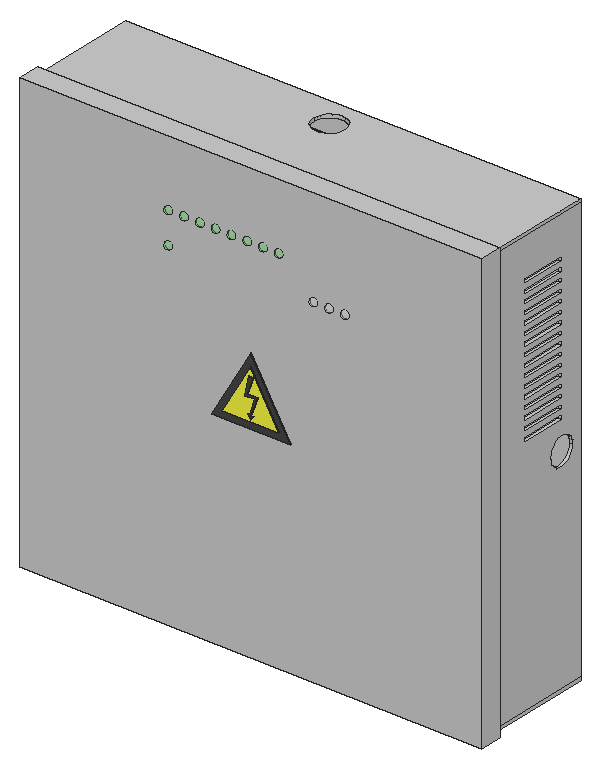
Revit family "STS-409К_RV17_LOD_400", category Электрооборудование, Revit 2017
Family settings
  Конфигурация панели = Два столбца, слева направо
  Размер круглого соединителя = Использовать диаметр
  Тип детали = Щит
  На основе рабочей плоскости = Нет
  Всегда вертикально = Да
  При загрузке вырезать с полостями = Нет
  Общий = Нет
  Точка расчета площади = Нет
Parameters (values of type "STS-409K")
  Частота переменного однофазного тока, Гц = 50 Hz
  Стандарт интерфейса связи = "10 Base-T Ethernet (гнездо RJ-45)"
  Смещение_УГО_Y [instance] = 0 mm
  Смещение_УГО_X [instance] = 0 mm
  Раздел проекта [instance] = ""
  Раздел Спецификации [instance] = ""
  Предельное значение сопротивления проводов ШС, кОм = 0.1
  Напряжение электропитания в автономном режиме, В = 12
  Напряжение = "220"
  Максимальный ток, проходящий через реле, не более, А (для 24В и 12В) = 4 A
  Максимальный ток, проходящий через реле, не более, А (для 220В) = 2 A
  Максимальный потребляемый контроллером ток от сети переменного тока (без дополнительных внешних потребителей), А = 0.1 A
  Максимальное удаление считывающих устройств от контролера, не более, м = 100 mm
  Максимальное количество пропусков ОПС, шт. = 15
  Максимальное количество извещателей ОПС на 1 шлейф сигнализации, не более, шт. = 20
  Максимальное время работы в автономном режиме, ч = 24
  Количество реле, шт. = 4
  Количество подключаемых считывающих устройств, не более, шт. = 2
  Информационная ёмкость (количество ШС) = 8
  Интерфейс считывателей (2) = "Wiegand 40/42"
  Интерфейс считывателей (1) = "Wiegand 26"
  Длина кода ключа (пропуска), символов = "1-8"
  Диапазон рабочих температур, °С = "от +5 до +50"
  Видимость_дверь [instance] = yes
  В_Смещение_УГО_Y [instance] = Смещение_УГО_Y + 2000 mm  # 2000 mm
  В_Смещение_УГО_X [instance] = Смещение_УГО_X + 2000 mm  # 2000 mm
  АКБ [instance] = yes
  d короба [instance] = 20 mm
  ADSK_Размер_Ширина = 293 mm
  ADSK_Размер_Глубина = 84 mm
  ADSK_Размер_Высота = 278 mm
  ADSK_Примечание = ""
  ADSK_Наименование = "STS-409К"
  ADSK_Масса = 1.8
  ADSK_Марка = "СТАЕ.426469.033-01"
  ADSK_Количество = 1
  ADSK_Завод-изготовитель = "ООО «Основа Безопасности»"  # constant formula
  ADSK_Единица измерения = "шт."  # constant formula
  ADSK_URL страницы изделия = "https://stilsoft.ru/products/sts-409k"
  ADSK_URL документации изделия = ""
Reference planes
  plane 1 "По центру (Вперед/Назад)": y = 0
  plane 2: z = 0
  plane 3 "По центру (Влево/Вправо)": x = 0
  plane 4: x = 146.5
  plane 5: x = -146.5
  plane 6 "0": y = -84
  plane 7: z = 278
  plane 8: x = -144.5
  plane 9 "левая грань": x = -144
  plane 10: x = -142
  plane 11: x = 144.5
  plane 12 "правая грань": x = 144
  plane 13: x = 142
  plane 14: y = -3
  plane 15 "стенка": y = -5
  plane 16 "дверь": y = -82
  plane 17: y = -81
  plane 18: y = -80
  plane 19 "вверх": z = 276
  plane 20: z = 274
  plane 21: z = 2
  plane 22: z = 4
  plane 23: y = 0
  plane 24: x = 0
  plane 25: y = 2000
  plane 26: x = -2000
Forms (mm)
  Extrusion 1, solid, material "корпус", detail levels medium+fine
    sketch origin (0, 0, 0) x (1, 0, 0) y (0, 1, 0)
      loop
        line (-142, -82) -> (-142, -5) -> (142, -5) -> (142, -81) -> (144, -81) -> (144, -3) -> (-144, -3) -> (-144, -82) -> (-142, -82)
    from 4 to 274
  Extrusion 2, solid, material "корпус", detail levels medium+fine
    sketch origin (0, 0, 0) x (1, 0, 0) y (0, 1, 0)
      loop
        line (-144, -3) -> (-144, -81) -> (144, -81) -> (144, -3) -> (-144, -3)
    from 2 to 4
  Extrusion 3, solid, material "корпус", detail levels medium+fine
    sketch origin (0, 0, 0) x (1, 0, 0) y (0, 1, 0)
      loop
        line (-144, -3) -> (-144, -81) -> (144, -81) -> (144, -3) -> (-144, -3)
    from 274 to 276
  Extrusion 4, solid, material "корпус", visible <- "Видимость_дверь", detail levels medium+fine
    sketch origin (0, -82, 0) x (-1, 0, 0) y (0, 0, 1)
      loop
        line (146.5, 278) -> (-146.5, 278) -> (-146.5, 0) -> (146.5, 0) -> (146.5, 278)
    from 0 to -2
  Extrusion 5, solid, material "корпус", visible <- "Видимость_дверь", detail levels medium+fine
    sketch origin (0, -82, 0) x (-1, 0, 0) y (0, 0, 1)
      loop
        line (146.5, 278) -> (-146.5, 278) -> (-146.5, 0) -> (146.5, 0) -> (146.5, 278)
      loop
        line (144.5, 276) -> (-144.5, 276) -> (-144.5, 2) -> (144.5, 2) -> (144.5, 276)
    from 0 to 12
  Extrusion 6, void, detail levels fine
    sketch origin (0, 0, 276) x (-1, 0, 0) y (0, -1, 0)
      loop
        circle (0, 22) r 10
    from 0 to -2
  Extrusion 7, void, detail levels fine
    sketch origin (-144, 0, 0) x (0, 1, 0) y (0, 0, 1)
      loop
        line (-18, 250) -> (-48, 250) -> (-48, 247) -> (-18, 247) -> (-18, 250)
      loop
        line (-18, 244) -> (-48, 244) -> (-48, 241) -> (-18, 241) -> (-18, 244)
      loop
        line (-18, 238) -> (-48, 238) -> (-48, 235) -> (-18, 235) -> (-18, 238)
      loop
        line (-18, 232) -> (-48, 232) -> (-48, 229) -> (-18, 229) -> (-18, 232)
      loop
        line (-18, 226) -> (-48, 226) -> (-48, 223) -> (-18, 223) -> (-18, 226)
      loop
        line (-18, 220) -> (-48, 220) -> (-48, 217) -> (-18, 217) -> (-18, 220)
      loop
        line (-18, 214) -> (-48, 214) -> (-48, 211) -> (-18, 211) -> (-18, 214)
      loop
        line (-18, 208) -> (-48, 208) -> (-48, 205) -> (-18, 205) -> (-18, 208)
      loop
        line (-18, 202) -> (-48, 202) -> (-48, 199) -> (-18, 199) -> (-18, 202)
      loop
        line (-18, 196) -> (-48, 196) -> (-48, 193) -> (-18, 193) -> (-18, 196)
      loop
        line (-18, 190) -> (-48, 190) -> (-48, 187) -> (-18, 187) -> (-18, 190)
      loop
        line (-18, 184) -> (-48, 184) -> (-48, 181) -> (-18, 181) -> (-18, 184)
      loop
        line (-18, 178) -> (-48, 178) -> (-48, 175) -> (-18, 175) -> (-18, 178)
      loop
        line (-18, 172) -> (-48, 172) -> (-48, 169) -> (-18, 169) -> (-18, 172)
      loop
        line (-18, 166) -> (-48, 166) -> (-48, 163) -> (-18, 163) -> (-18, 166)
      loop
        line (-18, 160) -> (-48, 160) -> (-48, 157) -> (-18, 157) -> (-18, 160)
    from 0 to 2
  Extrusion 8, void, detail levels fine
    sketch origin (-144, 0, 0) x (0, 1, 0) y (0, 0, 1)
      loop
        circle (-18, 139) r 9
    from 0 to 2
  Extrusion 9, void, detail levels fine
    sketch origin (144, 0, 0) x (0, -1, 0) y (0, 0, 1)
      loop
        line (18, 250) -> (18, 247) -> (48, 247) -> (48, 250) -> (18, 250)
      loop
        line (18, 244) -> (18, 241) -> (48, 241) -> (48, 244) -> (18, 244)
      loop
        line (18, 238) -> (18, 235) -> (48, 235) -> (48, 238) -> (18, 238)
      loop
        line (18, 232) -> (18, 229) -> (48, 229) -> (48, 232) -> (18, 232)
      loop
        line (18, 226) -> (18, 223) -> (48, 223) -> (48, 226) -> (18, 226)
      loop
        line (18, 220) -> (18, 217) -> (48, 217) -> (48, 220) -> (18, 220)
      loop
        line (18, 214) -> (18, 211) -> (48, 211) -> (48, 214) -> (18, 214)
      loop
        line (18, 208) -> (18, 205) -> (48, 205) -> (48, 208) -> (18, 208)
      loop
        line (18, 202) -> (18, 199) -> (48, 199) -> (48, 202) -> (18, 202)
      loop
        line (18, 196) -> (18, 193) -> (48, 193) -> (48, 196) -> (18, 196)
      loop
        line (18, 190) -> (18, 187) -> (48, 187) -> (48, 190) -> (18, 190)
      loop
        line (18, 184) -> (18, 181) -> (48, 181) -> (48, 184) -> (18, 184)
      loop
        line (18, 178) -> (18, 175) -> (48, 175) -> (48, 178) -> (18, 178)
      loop
        line (18, 172) -> (18, 169) -> (48, 169) -> (48, 172) -> (18, 172)
      loop
        line (18, 166) -> (18, 163) -> (48, 163) -> (48, 166) -> (18, 166)
      loop
        line (18, 160) -> (18, 157) -> (48, 157) -> (48, 160) -> (18, 160)
    from 0 to 2
  Extrusion 10, void, detail levels fine
    sketch origin (144, 0, 0) x (0, -1, 0) y (0, 0, 1)
      loop
        circle (18, 139) r 9
    from 0 to 2
  Extrusion 11, void, detail levels fine
    sketch origin (0, 0, 0) x (1, 0, 0) y (0, 1, 0)
      loop
        circle (-130, -19) r 10
    from 2 to 4
  Extrusion 12, solid, detail levels fine
    sketch origin (0, -5, 0) x (-1, 0, 0) y (0, 0, 1)
      loop
        line (89.5, 258) -> (-80.5, 258) -> (-80.5, 170) -> (89.5, 170) -> (89.5, 258)
    from 0 to -1
  Extrusion 13, solid, detail levels fine
    sketch origin (0, -5, 0) x (-1, 0, 0) y (0, 0, 1)
      loop
        line (128.5, 16) -> (128.5, 151) -> (68.5, 151) -> (68.5, 16) -> (128.5, 16)
    from 0 to -1
  Extrusion 14, solid, material "ЗНАЧЕК (1)", visible <- "Видимость_дверь", detail levels fine
    sketch origin (0, -84, 0) x (1, 0, 0) y (0, 0, 1)
      loop
        line (25, 130) -> (0, 173) -> (-25, 130) -> (25, 130)
    from 0 to 0.2
  Extrusion 15, solid, material "ЗНАЧЕК (2)", visible <- "Видимость_дверь", detail levels fine
    sketch origin (0, -84, 0) x (1, 0, 0) y (0, 0, 1)
      loop
        line (18, 134) -> (0, 165) -> (-18, 134) -> (18, 134)
    from 0 to 0.3
  Extrusion 16, solid, material "ЗНАЧЕК (1)"
    sketch origin (0, -84, 0) x (1, 0, 0) y (0, 0, 1)
      loop
        line (0, 159.8) -> (-1.4, 159.8) -> (-4.015, 147.497) -> (2.6, 148.075) -> (-0.309, 137.932) -> (-1.555, 137.932) -> (0, 135.238) -> (1.886, 137.932) -> (0.321, 137.932) -> (4.567, 149.598) -> (-2.041, 149.251) -> (1.799, 159.8) -> (0, 159.8)
    from 0 to 0.4
  Revolve 17, solid, material "индикаторы 1"
    sketch origin (0, -84, 0) x (1, 0, 0) y (0, 0, 1)
      loop
        arc (-54.5, 236) -> (-52, 233.5) -> (-49.5, 236) r 2.5
        line (-49.5, 236) -> (-54.5, 236)
      axis (-54.5, 236) -> (-49.5, 236)
    angle from 0 to -180
  Revolve 18, solid, material "индикаторы 1"
    sketch origin (10, -84, 0) x (1, 0, 0) y (0, 0, 1)
      loop
        arc (-54.5, 236) -> (-52, 233.5) -> (-49.5, 236) r 2.5
        line (-49.5, 236) -> (-54.5, 236)
      axis (-54.5, 236) -> (-49.5, 236)
    angle from 0 to -180
  Revolve 19, solid, material "индикаторы 1"
    sketch origin (0, -84, -20) x (1, 0, 0) y (0, 0, 1)
      loop
        arc (-54.5, 236) -> (-52, 233.5) -> (-49.5, 236) r 2.5
        line (-49.5, 236) -> (-54.5, 236)
      axis (-54.5, 236) -> (-49.5, 236)
    angle from 0 to -180
  Revolve 20, solid, material "индикаторы 1"
    sketch origin (20, -84, 0) x (1, 0, 0) y (0, 0, 1)
      loop
        arc (-54.5, 236) -> (-52, 233.5) -> (-49.5, 236) r 2.5
        line (-49.5, 236) -> (-54.5, 236)
      axis (-54.5, 236) -> (-49.5, 236)
    angle from 0 to -180
  Revolve 21, solid, material "индикаторы 1"
    sketch origin (30, -84, 0) x (1, 0, 0) y (0, 0, 1)
      loop
        arc (-54.5, 236) -> (-52, 233.5) -> (-49.5, 236) r 2.5
        line (-49.5, 236) -> (-54.5, 236)
      axis (-54.5, 236) -> (-49.5, 236)
    angle from 0 to -180
  Revolve 22, solid, material "индикаторы 1"
    sketch origin (40, -84, 0) x (1, 0, 0) y (0, 0, 1)
      loop
        arc (-54.5, 236) -> (-52, 233.5) -> (-49.5, 236) r 2.5
        line (-49.5, 236) -> (-54.5, 236)
      axis (-54.5, 236) -> (-49.5, 236)
    angle from 0 to -180
  Revolve 23, solid, material "индикаторы 1"
    sketch origin (50, -84, 0) x (1, 0, 0) y (0, 0, 1)
      loop
        arc (-54.5, 236) -> (-52, 233.5) -> (-49.5, 236) r 2.5
        line (-49.5, 236) -> (-54.5, 236)
      axis (-54.5, 236) -> (-49.5, 236)
    angle from 0 to -180
  Revolve 24, solid, material "индикаторы 1"
    sketch origin (60, -84, 0) x (1, 0, 0) y (0, 0, 1)
      loop
        arc (-54.5, 236) -> (-52, 233.5) -> (-49.5, 236) r 2.5
        line (-49.5, 236) -> (-54.5, 236)
      axis (-54.5, 236) -> (-49.5, 236)
    angle from 0 to -180
  Revolve 25, solid, material "индикаторы 1"
    sketch origin (70, -84, 0) x (1, 0, 0) y (0, 0, 1)
      loop
        arc (-54.5, 236) -> (-52, 233.5) -> (-49.5, 236) r 2.5
        line (-49.5, 236) -> (-54.5, 236)
      axis (-54.5, 236) -> (-49.5, 236)
    angle from 0 to -180
  Revolve 26, solid, material "индикаторы 2"
    sketch origin (92, -84, -20) x (1, 0, 0) y (0, 0, 1)
      loop
        arc (-54.5, 236) -> (-52, 233.5) -> (-49.5, 236) r 2.5
        line (-49.5, 236) -> (-54.5, 236)
      axis (-54.5, 236) -> (-49.5, 236)
    angle from 0 to -180
  Revolve 27, solid, material "индикаторы 2"
    sketch origin (102, -84, -20) x (1, 0, 0) y (0, 0, 1)
      loop
        arc (-54.5, 236) -> (-52, 233.5) -> (-49.5, 236) r 2.5
        line (-49.5, 236) -> (-54.5, 236)
      axis (-54.5, 236) -> (-49.5, 236)
    angle from 0 to -180
  Revolve 28, solid, material "индикаторы 2"
    sketch origin (112, -84, -20) x (1, 0, 0) y (0, 0, 1)
      loop
        arc (-54.5, 236) -> (-52, 233.5) -> (-49.5, 236) r 2.5
        line (-49.5, 236) -> (-54.5, 236)
      axis (-54.5, 236) -> (-49.5, 236)
    angle from 0 to -180
Cuts and joins
  joined: Extrusion 4, Extrusion 5
  Extrusion 6 cuts Extrusion 3
  Extrusion 7, Extrusion 8, Extrusion 9, Extrusion 10 cuts Extrusion 1
  Extrusion 11 cuts Extrusion 2
Dimensions and locks
  "ADSK_Размер_Ширина": plane 5 to plane 4
  "ADSK_Размер_Глубина": plane 6 "0" to plane 1 "По центру (Вперед/Назад)"
  "ADSK_Размер_Высота": plane 7 to level
  locked: plane 25 to plane 1 "По центру (Вперед/Назад)" at 2000
  locked: plane 26 to plane 3 "По центру (Влево/Вправо)" at 2000
  "В_Смещение_УГО_X": plane 26 to plane 24
  "В_Смещение_УГО_Y": plane 23 to plane 25
  aligned and locked: level to plane 2
  aligned and locked: nested 1 to plane 23
  aligned and locked: plane 24 to nested 1
  aligned and locked: nested 2 to cut or joined group of Extrusion 2, Extrusion 11
  aligned and locked: nested 2 to cut or joined group of Extrusion 1, Extrusion 7, Extrusion 8, Extrusion 9, Extrusion 10
  aligned and locked: cut or joined group of Extrusion 1, Extrusion 7, Extrusion 8, Extrusion 9, Extrusion 10 to cut or joined group of Extrusion 4, Extrusion 5
Automatic sketch dimensions
  Extrusion 1 sketch curve to plane 9 "левая грань" = 0 mm
  Extrusion 1 sketch curve to plane 10 = 0 mm
  Extrusion 1 sketch curve to plane 13 = 0 mm
  Extrusion 1 sketch curve to plane 12 "правая грань" = 0 mm
  Extrusion 1 sketch curve to plane 16 "дверь" = 0 mm
  Extrusion 1 sketch curve to plane 17 = 0 mm
  Extrusion 1 sketch curve to plane 15 "стенка" = 0 mm
  Extrusion 1 sketch curve to plane 14 = 0 mm
  Extrusion 2 sketch curve to plane 9 "левая грань" = 0 mm
  Extrusion 2 sketch curve to plane 12 "правая грань" = 0 mm
  Extrusion 2 sketch curve to plane 17 = 0 mm
  Extrusion 2 sketch curve to plane 14 = 0 mm
  Extrusion 3 sketch curve to plane 9 "левая грань" = 0 mm
  Extrusion 3 sketch curve to plane 12 "правая грань" = 0 mm
  Extrusion 3 sketch curve to plane 17 = 0 mm
  Extrusion 3 sketch curve to plane 14 = 0 mm
  Extrusion 4 sketch curve to plane 4 = 0 mm
  Extrusion 4 sketch curve to level = 0 mm
  plane 5 to Extrusion 4 sketch curve = 0 mm
  Extrusion 4 sketch curve to plane 7 = 0 mm
  Extrusion 5 sketch curve to plane 4 = 0 mm
  plane 11 to Extrusion 5 sketch curve = 0 mm
  Extrusion 5 sketch curve to plane 8 = 0 mm
  plane 5 to Extrusion 5 sketch curve = 0 mm
  Extrusion 5 sketch curve to level = 0 mm
  Extrusion 5 sketch curve to plane 21 = 0 mm
  Extrusion 5 sketch curve to plane 19 "вверх" = 0 mm
  Extrusion 5 sketch curve to plane 7 = 0 mm
  Extrusion 6 sketch curve to plane 3 "По центру (Влево/Вправо)" = 0 mm
  Extrusion 6 sketch curve to plane 15 "стенка" = 17 mm
  plane 18 to Extrusion 7 sketch curve = 32 mm  (x2)
  Extrusion 7 sketch curve to Extrusion 7 sketch curve = 0 mm  (x29)
  Extrusion 7 sketch curve to plane 15 "стенка" = 13 mm
  Extrusion 7 sketch curve to Extrusion 7 sketch curve = 3 mm  (x31)
  Extrusion 8 sketch curve to plane 15 "стенка" = 13 mm
  Extrusion 9 sketch curve to plane 15 "стенка" = 13 mm  (x2)
  Extrusion 9 sketch curve to Extrusion 9 sketch curve = 0 mm  (x29)
  Extrusion 9 sketch curve to Extrusion 9 sketch curve = 30 mm
  Extrusion 9 sketch curve to Extrusion 9 sketch curve = 3 mm  (x31)
  Extrusion 10 sketch curve to plane 15 "стенка" = 13 mm
  plane 10 to Extrusion 11 sketch curve = 12 mm
  Extrusion 11 sketch curve to plane 15 "стенка" = 14 mm
  Extrusion 12 sketch curve to plane 20 = 16 mm
  plane 13 to Extrusion 12 sketch curve = 61.5 mm
  plane 10 to Extrusion 13 sketch curve = 13.5 mm
  plane 22 to Extrusion 13 sketch curve = 12 mm
  Extrusion 14 sketch curve to plane 3 "По центру (Влево/Вправо)" = 0 mm
  Extrusion 14 sketch curve to plane 3 "По центру (Влево/Вправо)" = 25 mm
  plane 3 "По центру (Влево/Вправо)" to Extrusion 14 sketch curve = 25 mm
  Extrusion 15 sketch curve to plane 3 "По центру (Влево/Вправо)" = 0 mm
  Extrusion 15 sketch curve to plane 3 "По центру (Влево/Вправо)" = 18 mm
  plane 3 "По центру (Влево/Вправо)" to Extrusion 15 sketch curve = 18 mm
  Extrusion 15 sketch curve to Extrusion 15 sketch curve = 31 mm
  Extrusion 16 sketch curve to plane 3 "По центру (Влево/Вправо)" = 0 mm  (x2)
  Extrusion 16 sketch curve to plane 3 "По центру (Влево/Вправо)" = 0.309 mm
  Extrusion 16 sketch curve to plane 3 "По центру (Влево/Вправо)" = 1.4 mm
  Extrusion 16 sketch curve to Extrusion 16 sketch curve = 1.246 mm
  Extrusion 16 sketch curve to plane 3 "По центру (Влево/Вправо)" = 2.041 mm
  Extrusion 16 sketch curve to Extrusion 16 sketch curve = 1.975 mm
  plane 3 "По центру (Влево/Вправо)" to Extrusion 16 sketch curve = 0.321 mm
  plane 3 "По центру (Влево/Вправо)" to Extrusion 16 sketch curve = 1.799 mm
  Extrusion 16 sketch curve to Extrusion 16 sketch curve = 1.565 mm
  plane 3 "По центру (Влево/Вправо)" to Extrusion 16 sketch curve = 2.6 mm
  Extrusion 16 sketch curve to Extrusion 16 sketch curve = 1.968 mm
  Extrusion 16 sketch curve to Extrusion 16 sketch curve = 2.694 mm
  Extrusion 16 sketch curve to Extrusion 16 sketch curve = 0 mm
  Extrusion 16 sketch curve to Extrusion 16 sketch curve = 9.564 mm
  Extrusion 16 sketch curve to Extrusion 16 sketch curve = 0.579 mm
  Extrusion 16 sketch curve to Extrusion 16 sketch curve = 1.755 mm
  Extrusion 16 sketch curve to Extrusion 16 sketch curve = 1.522 mm
  Extrusion 16 sketch curve to Extrusion 16 sketch curve = 10.549 mm
  Revolve 17 sketch curve to Revolve 17 sketch curve = 0 mm  (x3)
  Revolve 18 sketch curve to Revolve 18 sketch curve = 2.5 mm
  Revolve 18 sketch curve to Revolve 18 sketch curve = 0 mm  (x3)
  Revolve 19 sketch curve to Revolve 19 sketch curve = 2.5 mm
  Revolve 19 sketch curve to Revolve 19 sketch curve = 0 mm  (x3)
  Revolve 20 sketch curve to Revolve 20 sketch curve = 2.5 mm
  Revolve 20 sketch curve to Revolve 20 sketch curve = 0 mm  (x3)
  Revolve 21 sketch curve to plane 3 "По центру (Влево/Вправо)" = 24.5 mm
  Revolve 21 sketch curve to Revolve 21 sketch curve = 2.5 mm
  Revolve 21 sketch curve to Revolve 21 sketch curve = 0 mm  (x3)
  Revolve 22 sketch curve to plane 3 "По центру (Влево/Вправо)" = 14.5 mm
  Revolve 22 sketch curve to Revolve 22 sketch curve = 2.5 mm
  Revolve 22 sketch curve to Revolve 22 sketch curve = 0 mm  (x3)
  Revolve 23 sketch curve to plane 3 "По центру (Влево/Вправо)" = 4.5 mm
  Revolve 23 sketch curve to plane 3 "По центру (Влево/Вправо)" = 2 mm
  Revolve 23 sketch curve to Revolve 23 sketch curve = 0 mm  (x3)
  plane 3 "По центру (Влево/Вправо)" to Revolve 24 sketch curve = 5.5 mm
  Revolve 24 sketch curve to Revolve 24 sketch curve = 2.5 mm
  Revolve 24 sketch curve to Revolve 24 sketch curve = 0 mm  (x3)
  plane 3 "По центру (Влево/Вправо)" to Revolve 25 sketch curve = 15.5 mm
  Revolve 25 sketch curve to Revolve 25 sketch curve = 2.5 mm
  Revolve 25 sketch curve to Revolve 25 sketch curve = 0 mm  (x3)
  plane 3 "По центру (Влево/Вправо)" to Revolve 26 sketch curve = 37.5 mm
  Revolve 26 sketch curve to Revolve 26 sketch curve = 2.5 mm
  Revolve 26 sketch curve to Revolve 26 sketch curve = 0 mm  (x3)
  plane 3 "По центру (Влево/Вправо)" to Revolve 27 sketch curve = 47.5 mm
  Revolve 27 sketch curve to Revolve 27 sketch curve = 2.5 mm
  Revolve 27 sketch curve to Revolve 27 sketch curve = 0 mm  (x3)
  plane 3 "По центру (Влево/Вправо)" to Revolve 28 sketch curve = 57.5 mm
  Revolve 28 sketch curve to Revolve 28 sketch curve = 2.5 mm
  Revolve 28 sketch curve to Revolve 28 sketch curve = 0 mm  (x3)
  plane 10 to Extrusion 12 sketch curve = 52.5 mm
  Extrusion 13 sketch curve to Extrusion 13 sketch curve = 60 mm
  Revolve 17 sketch curve to plane 3 "По центру (Влево/Вправо)" = 54.5 mm
  Revolve 17 sketch curve to Revolve 17 sketch curve = 2.5 mm
  Revolve 18 sketch curve to plane 3 "По центру (Влево/Вправо)" = 44.5 mm
  Revolve 19 sketch curve to plane 3 "По центру (Влево/Вправо)" = 54.5 mm
  Revolve 20 sketch curve to plane 3 "По центру (Влево/Вправо)" = 34.5 mm
  Extrusion 7 sketch curve to plane 20 = 117 mm
  Extrusion 8 sketch curve to plane 20 = 135 mm
  Extrusion 9 sketch curve to plane 20 = 117 mm
  Extrusion 10 sketch curve to plane 20 = 135 mm
  Extrusion 12 sketch curve to Extrusion 12 sketch curve = 88 mm
  Extrusion 13 sketch curve to plane 20 = 123 mm
  plane 22 to Extrusion 14 sketch curve = 126 mm
  Extrusion 14 sketch curve to Extrusion 14 sketch curve = 43 mm
  plane 22 to Extrusion 15 sketch curve = 130 mm
  plane 22 to Extrusion 16 sketch curve = 131.238 mm
  Revolve 17 sketch curve to plane 20 = 38 mm
  Revolve 18 sketch curve to plane 20 = 38 mm
  Revolve 19 sketch curve to plane 20 = 58 mm
  Revolve 20 sketch curve to plane 20 = 38 mm
  Revolve 21 sketch curve to plane 20 = 38 mm
  Revolve 22 sketch curve to plane 20 = 38 mm
  Revolve 23 sketch curve to plane 20 = 38 mm
  Revolve 24 sketch curve to plane 20 = 38 mm
  Revolve 25 sketch curve to plane 20 = 38 mm
  Revolve 26 sketch curve to plane 20 = 58 mm
  Revolve 27 sketch curve to plane 20 = 58 mm
  Revolve 28 sketch curve to plane 20 = 58 mm
  radius of Extrusion 6 sketch curve = 10 mm
  radius of Extrusion 8 sketch curve = 9 mm
  radius of Extrusion 10 sketch curve = 9 mm
  radius of Extrusion 11 sketch curve = 10 mm
Nested families
  nested 1: "УГО_Контроллер" at (0, 0, 0), type "УГО_Контроллер"
  nested 2: "АКБ" at (66.5, -16, 4), visible <- "АКБ", type "АКБ"
Connectors
  electrical at (0, -22, 274)
    settings: on cut or joined group of Extrusion 3, Extrusion 6, index 1, voltage 0 V, apparent load 0 VA, apparent load phase1 0 VA, apparent load phase2 0 VA, apparent load phase3 0 VA, power factor 1, load classification "Прочее", number of poles 1, system type 31, power factor state 1, is connector primary yes, connector utility no, sub classification motor no, connector description ""
  cabletrayconduit at (0, -22, 276), diameter 20, driven by "d короба"
    settings: on cut or joined group of Extrusion 3, Extrusion 6, index 2, connector width 300 mm, connector height 300 mm, connector angle 0.00°, system type 32, placement type 0, profile type 0, connector reference index -1, is primary connector yes, connector utility param no, connector description ""
  electrical at (142, -18, 139)
    settings: on cut or joined group of Extrusion 1, Extrusion 7, Extrusion 8, Extrusion 9, Extrusion 10, index 3, voltage 0 V, apparent load 0 VA, apparent load phase1 0 VA, apparent load phase2 0 VA, apparent load phase3 0 VA, power factor 1, load classification "Прочее", number of poles 1, system type 14, power factor state 1, is connector primary no, connector utility no, sub classification motor no, connector description ""
  cabletrayconduit at (142, -18, 139), diameter 20, driven by "d короба"
    settings: on cut or joined group of Extrusion 1, Extrusion 7, Extrusion 8, Extrusion 9, Extrusion 10, index 4, connector width 300 mm, connector height 300 mm, connector angle 0.00°, system type 32, placement type 0, profile type 0, connector reference index -1, is primary connector no, connector utility param no, connector description ""
  electrical at (-142, -18, 139)
    settings: on cut or joined group of Extrusion 1, Extrusion 7, Extrusion 8, Extrusion 9, Extrusion 10, index 5, voltage 0 V, apparent load 0 VA, apparent load phase1 0 VA, apparent load phase2 0 VA, apparent load phase3 0 VA, power factor 1, load classification "Прочее", number of poles 1, system type 14, power factor state 1, is connector primary no, connector utility no, sub classification motor no, connector description ""
  cabletrayconduit at (-142, -18, 139), diameter 20, driven by "d короба"
    settings: on cut or joined group of Extrusion 1, Extrusion 7, Extrusion 8, Extrusion 9, Extrusion 10, index 6, connector width 300 mm, connector height 300 mm, connector angle 0.00°, system type 32, placement type 0, profile type 0, connector reference index -1, is primary connector no, connector utility param no, connector description ""
  electrical at (-130, -19, 4)
    settings: on cut or joined group of Extrusion 2, Extrusion 11, index 7, voltage 0 V, apparent load 0 VA, apparent load phase1 0 VA, apparent load phase2 0 VA, apparent load phase3 0 VA, power factor 1, load classification "Прочее", number of poles 1, system type 14, power factor state 1, is connector primary no, connector utility no, sub classification motor no, connector description ""
  cabletrayconduit at (-130, -19, 4), diameter 20, driven by "d короба"
    settings: on cut or joined group of Extrusion 2, Extrusion 11, index 8, connector width 300 mm, connector height 300 mm, connector angle 0.00°, system type 32, placement type 0, profile type 0, connector reference index -1, is primary connector no, connector utility param no, connector description ""
Definition of nested family "АКБ"
  Parameters (values of type "АКБ")
    ADSK_Размер_Ширина = 151 mm
    ADSK_Размер_Глубина = 65 mm
    ADSK_Размер_Высота = 92 mm
  Reference planes
    plane 1 "По центру (Вперед/Назад)": y = 0
    plane 2: z = 0
    plane 3 "По центру (Влево/Вправо)": x = 0
    plane 4: y = -65
    plane 5: x = 75.5
    plane 6: x = -75.5
    plane 7: z = 92
  Forms (mm)
    Extrusion 1, solid
      sketch origin (0, 0, 0) x (1, 0, 0) y (0, 1, 0)
        loop
          line (-75.5, 0) -> (-75.5, -65) -> (75.5, -65) -> (75.5, 0) -> (-75.5, 0)
      from 0 to 92
  Dimensions and locks
    "ADSK_Размер_Ширина": plane 6 to plane 5
    "ADSK_Размер_Глубина": plane 4 to plane 1 "По центру (Вперед/Назад)"
    "ADSK_Размер_Высота": plane 7 to level
    aligned and locked: level to plane 2
  Automatic sketch dimensions
    Extrusion 1 sketch curve to plane 4 = 0 mm
    Extrusion 1 sketch curve to plane 6 = 0 mm
    Extrusion 1 sketch curve to plane 5 = 0 mm
    plane 1 "По центру (Вперед/Назад)" to Extrusion 1 sketch curve = 0 mm
Definition of nested family "УГО_Контроллер"
  Reference planes
    plane 1: y = 0
    plane 2: x = 0
  Lines and regions (mm)
    Filled region 1, type "Цветовая область 1"
      outline origin (0, 0, 0) x (1, 0, 0) y (0, 1, 0)
        loop
          line (0, -2.5) -> (0, -5) -> (5, -5) -> (5, -2.5) -> (0, -2.5)
    detail lines
      curve 1: line (5, 0, 0) -> (5, -5, 0)
      curve 2: line (5, -5, 0) -> (-5, -5, 0)
      curve 3: line (-5, -5, 0) -> (-5, 0, 0)
      curve 4: line (-5, 0, 0) -> (5, 0, 0)
      curve 5: line (5, -2.5, 0) -> (0, -2.5, 0)
      curve 6: line (0, -2.5, 0) -> (0, -5, 0)
